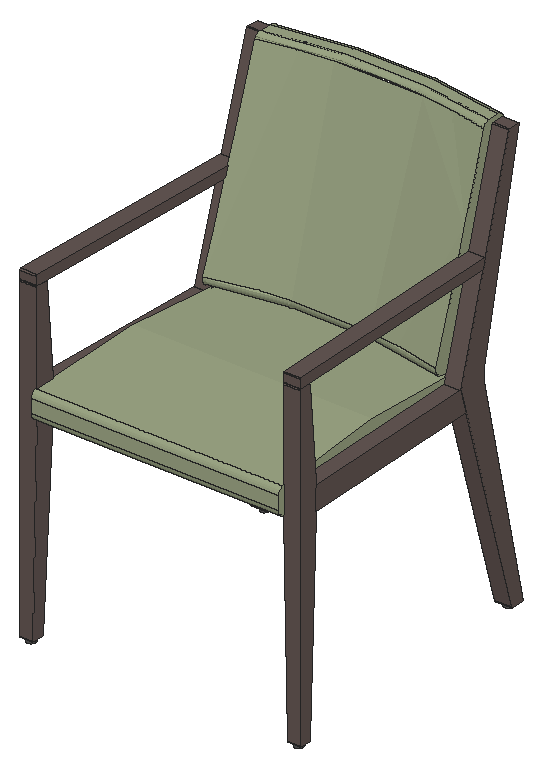
Revit family "Haworth_CandorModern_Chair_FullBack", category Furniture, Revit 2018
Family settings
  OmniClass Number = 23.40.70.14.64.11
  OmniClass Title = Office Furniture
  Work Plane-Based = No
  Always vertical = Yes
  Cut with Voids When Loaded = No
  Shared = No
  Room Calculation Point = No
Parameters (values of type "SAS-22-A1A")
  Warranty = "http://www.haworth.com/resources/product-info/warranties"
  URL - Product = "http://www.haworth.com/products/seating/visitor-and-conference-chairs/candor"
  Sustainability Info = "http://www.haworth.com/company-info/sustainability"
  Seat Finish [instance] = Haworth _ Fabric _ Tellure _ Spring 3A-37
  Model = "SAS-22-A1A"  # constant formula
  Glide Finish = Haworth _ Polymer _ Black
  Frame Finish [instance] = Haworth _ Wood _ Candor _ Espresso M3-W15
  Description = "Haworth _ Chair _ Candor _ Modern _ FullBack"  # constant formula
  URL = "http://www.haworth.com/"
  Size = "Verify Final Dim. w/ Haworth"  # constant formula
  Revision Number = "2"  # constant formula
  Manufacturer = "Haworth"  # constant formula
  Author = "Haworth (Hampton)"  # constant formula
  Assembly Code = "E2020200"
  Actual Width = 21"  # constant formula
  Actual Height = 32 143/256"  # constant formula
  Actual Depth = 22 7/8"  # constant formula
Reference planes (in)
  plane 1 "Center F/B": y = -1.31687
  plane 2: z = 0
  plane 3 "Center L/R": x = 0
  plane 4 "Top": z = 32.55859
  plane 5 "Left": through (-16.36576, -179.89761, 0.21531) normal (0.9994, -0.0349, 0)
  plane 6: through (-10.71875, -180, 0) normal (-0.0262, 0, -0.9997)
  plane 7 "Back": y = 10.12063
  plane 8 "Front": y = -12.75437
  plane 9 "Seat Left": x = -7.90596
  plane 10 "Seat Right": x = 7.90596
  plane 11 "Right": through (16.36576, -179.89761, 0.21531) normal (0.9994, 0.0349, 0)
  plane 12 "Back Wood Bottom": z = 30.80943
  plane 13 "Void Bottom": z = 14.34707
  plane 14 "Seat Cushion Left": x = -11.78703
  plane 15 "Seat Cushion Right": x = 11.78703
  plane 16: y = -12.28948
  plane 17: z = 32.85545
Forms (in)
  Revolve 1, solid, material "Haworth _ Fabric _ Tellure _ Spring 3A-37" <- "Seat Finish"
    sketch origin (0, 0, 0) x (0, 1, 0) y (0, 0, 1)
      loop
        arc (6.15091, 17.40995) -> (6.52752, 17.47284) -> (6.74994, 17.7832) r 0.5
        line (6.74994, 17.7832) -> (10.13556, 32.24145)
        arc (10.13556, 32.24145) -> (10.04052, 32.66609) -> (9.64873, 32.85545) r 0.5
        line (9.64873, 32.85545) -> (8.78447, 32.85545)
        arc (8.78447, 32.85545) -> (8.48963, 32.75927) -> (8.30822, 32.50772) r 0.5
        line (8.30822, 32.50772) -> (3.82956, 18.50017)
        arc (3.82956, 18.50017) -> (3.87129, 18.10055) -> (4.19362, 17.86065) r 0.5
        line (4.19362, 17.86065) -> (6.15091, 17.40995)
      axis (-29.21017, 17.40995) -> (-29.21017, 32.85545)
    angle from -17 to 17
  Extrusion 2, void
    sketch origin (0, 0, 0) x (1, 0, 0) y (0, 1, 0)
      loop
        line (-8.49316, 9.40858) -> (-12.0759, 9.53369) -> (-13.31329, -14.0771) -> (-9.31329, -14.0771) -> (-8.49316, 9.40858)
      loop
        line (8.49316, 9.40858) -> (9.31329, -14.0771) -> (13.31329, -14.0771) -> (12.0759, 9.53369) -> (8.49316, 9.40858)
    from 14.34707 to 33.78971
  Extrusion 3, solid, material "Haworth _ Fabric _ Tellure _ Spring 3A-37" <- "Seat Finish"
    sketch origin (0, 0, 0) x (0, 1, 0) y (0, 0, 1)
      loop
        line (-12.75437, 16.89559) -> (-12.75437, 15.90311)
        arc (-12.75437, 15.90311) -> (-12.60793, 15.54955) -> (-12.25437, 15.40311) r 0.5
        line (-12.25437, 15.40311) -> (5.00852, 15.40311)
        arc (5.00852, 15.40311) -> (5.36207, 15.54955) -> (5.50852, 15.90311) r 0.5
        line (5.50852, 15.90311) -> (5.50852, 16.89882)
        arc (5.50852, 16.89882) -> (5.38393, 17.22907) -> (5.07226, 17.39474) r 0.5
        arc (5.07226, 17.39474) -> (-3.62312, 17.95039) -> (-12.31829, 17.39149) r 68.11603
        arc (-12.31829, 17.39149) -> (-12.62985, 17.22577) -> (-12.75437, 16.89559) r 0.5
    from -11.78703 to 11.78703
Cuts and joins
  Extrusion 2 cuts Revolve 1
  Extrusion 2 cuts Extrusion 3
Lines and regions (in)
  Masking region 1
    outline origin (0, 0, 0) x (1, 0, 0) y (0, 1, 0)
      loop
        line (-8.49979, 9.21852) -> (-8.63749, 5.27534)
        arc (-8.63749, 5.27534) -> (0, 6.19166) -> (8.63749, 5.27534) r 41.1679
        line (8.63749, 5.27534) -> (8.49979, 9.21852)
        arc (8.49979, 9.21852) -> (0, 10.12063) -> (-8.49979, 9.21852) r 40.49439
  Masking region 2
    outline origin (0, 0, 0) x (1, 0, 0) y (0, 1, 0)
      loop
        line (-8.63749, 5.27534) -> (-9.2671, -12.75439) -> (9.2671, -12.75439) -> (8.63749, 5.27534)
        arc (8.63749, 5.27534) -> (0, 6.19166) -> (-8.63749, 5.27534) r 41.1679
  Masking region 3
    outline origin (0, 0, 0) x (1, 0, 0) y (0, 1, 0)
      loop
        line (-10.50053, -12.25796) -> (-9.25129, -12.30159) -> (-8.49316, 9.40858) -> (-9.74239, 9.4522) -> (-10.50053, -12.25796)
      loop
        line (10.50053, -12.25796) -> (9.74239, 9.4522) -> (8.49316, 9.40858) -> (9.25129, -12.30159) -> (10.50053, -12.25796)
Dimensions and locks (in)
  "Actual Height": plane 4 "Top" to level
  equal spacing: plane 7 "Back", plane 1 "Center F/B", plane 8 "Front"
  "Actual Depth": plane 7 "Back" to plane 8 "Front"
  aligned: plane 5 "Left" to nested 1
  aligned and locked: Extrusion 2 to plane 13 "Void Bottom"
  aligned and locked: Extrusion 3 to plane 14 "Seat Cushion Left"
  aligned and locked: Extrusion 3 to plane 15 "Seat Cushion Right"
  aligned and locked: Revolve 1 sketch curve to plane 17
Automatic sketch dimensions
  Extrusion 2 sketch curve to plane 8 "Front" = 1.32273"  (x2)
  plane 9 "Seat Left" to Extrusion 2 sketch curve = 5.40734"
  Extrusion 2 sketch curve to plane 7 "Back" = 0.58693"  (x2)
  plane 9 "Seat Left" to Extrusion 2 sketch curve = 4.16995"
  plane 9 "Seat Left" to Extrusion 2 sketch curve = 1.40734"
  plane 9 "Seat Left" to Extrusion 2 sketch curve = 0.5872"
  plane 10 "Seat Right" to Extrusion 2 sketch curve = 0.5872"
  plane 10 "Seat Right" to Extrusion 2 sketch curve = 1.40734"
  Extrusion 2 sketch curve to Extrusion 2 sketch curve = 3.58275"
  Extrusion 2 sketch curve to Extrusion 2 sketch curve = 4"
  Extrusion 3 sketch curve to plane 8 "Front" = 0"
  plane 8 "Front" to Extrusion 3 sketch curve = 0.43608"
  Extrusion 3 sketch curve to Extrusion 3 sketch curve = 0"  (x3)
  plane 8 "Front" to Extrusion 3 sketch curve = 1/2"
  Extrusion 3 sketch curve to Extrusion 3 sketch curve = 0.06392"
  plane 1 "Center F/B" to Extrusion 3 sketch curve = 2.2935"
  plane 13 "Void Bottom" to Extrusion 3 sketch curve = 1.05604"
  Extrusion 3 sketch curve to Extrusion 3 sketch curve = 0.06373"
  Extrusion 3 sketch curve to level = 50.16564"
  Extrusion 3 sketch curve to Extrusion 3 sketch curve = 0.49592"
  Masking region 1 sketch curve to plane 3 "Center L/R" = 0"  (x2)
  plane 9 "Seat Left" to Masking region 1 sketch curve = 0.59384"
  plane 9 "Seat Left" to Masking region 1 sketch curve = 0.73154"
  plane 10 "Seat Right" to Masking region 1 sketch curve = 0.59384"
  plane 10 "Seat Right" to Masking region 1 sketch curve = 0.73154"
  Masking region 1 sketch curve to plane 8 "Front" = 22.22187"
  Masking region 1 sketch curve to Masking region 1 sketch curve = 4.60247"
  Masking region 1 sketch curve to plane 7 "Back" = 4.84529"
  Masking region 1 sketch curve to plane 7 "Back" = 0.9021"
  Masking region 2 sketch curve to plane 3 "Center L/R" = 0"
  plane 9 "Seat Left" to Masking region 2 sketch curve = 0.73154"
  plane 9 "Seat Left" to Masking region 2 sketch curve = 1.36115"
  plane 10 "Seat Right" to Masking region 2 sketch curve = 0.73154"
  plane 10 "Seat Right" to Masking region 2 sketch curve = 1.36115"
  Masking region 2 sketch curve to plane 8 "Front" = 0"
  Masking region 2 sketch curve to plane 8 "Front" = 22.22187"
  Masking region 2 sketch curve to plane 7 "Back" = 4.84529"
  plane 16 to Masking region 3 sketch curve = 0.03151"
  plane 14 "Seat Cushion Left" to Masking region 3 sketch curve = 1.2865"
  Masking region 3 sketch curve to plane 7 "Back" = 0.66842"  (x2)
  plane 9 "Seat Left" to Masking region 3 sketch curve = 1.83644"
  Masking region 3 sketch curve to plane 16 = 0.01211"  (x2)
  plane 10 "Seat Right" to Masking region 3 sketch curve = 0.5872"
  plane 10 "Seat Right" to Masking region 3 sketch curve = 1.34534"
  Masking region 3 sketch curve to Masking region 3 sketch curve = 1.24924"
  Revolve 1 sketch curve to plane 1 "Center F/B" = 5.14644"
  plane 13 "Void Bottom" to Revolve 1 sketch curve = 3.51358"
  Revolve 1 sketch curve to Revolve 1 sketch curve = 0.36405"
  Revolve 1 sketch curve to Revolve 1 sketch curve = 0.1122"  (x2)
  Revolve 1 sketch curve to Revolve 1 sketch curve = 1.95729"
  Revolve 1 sketch curve to Revolve 1 sketch curve = 0.48683"
  Revolve 1 sketch curve to plane 4 "Top" = 0.05087"
  Revolve 1 sketch curve to plane 7 "Back" = 1.81241"
  Revolve 1 sketch curve to Revolve 1 sketch curve = 0.47625"
  Revolve 1 sketch curve to plane 7 "Back" = 0.4719"
  plane 7 "Back" to Revolve 1 sketch curve = 0.01494"
  Revolve 1 sketch curve to Revolve 1 sketch curve = 0.07745"
  Revolve 1 sketch curve to Revolve 1 sketch curve = 0.37325"
  Revolve 1 sketch curve to Revolve 1 sketch curve = 0.48725"
  Revolve 1 sketch curve to plane 4 "Top" = 0.31714"
  plane 17 to Revolve 1 sketch curve = 6.48057"
  Revolve 1 sketch curve to plane 8 "Front" = 16.4558"
  plane 13 "Void Bottom" to Revolve 1 sketch curve = 2.98895"
Nested families (in)
  nested 1: "Haworth_Chair_Candor-Modern_Leg_Part" at (-9.48189, -0.99638, 0) x (0.9994, -0.0349, 0) z (0, 0, 1), type "Chair"
  nested 2: "Haworth_Chair_Candor-Modern_Leg_Part" at (9.48189, -0.99638, 0) x (-0.9994, -0.0349, 0) z (0, 0, 1), type "Chair"
Definition of nested family "Haworth_Chair_Candor-Modern_Leg_Part"
  Parameters
    Model = "Haworth_Chair_Candor-Modern_Leg_Part"  # constant formula
    Glide Finish = none
    Frame Finish = none
    Description = "Haworth_Chair_Candor-Modern_Leg_Part"
    Warranty = "http://www.haworth.com/bottom-nav/product-info/warranty-info"
    URL - Product = "http://www.haworth.com/home/seating/guest-occasional/candor"
    URL = "http://www.haworth.com/"
    Revision Number = "1"  # constant formula
    Manufacturer = "Haworth"  # constant formula
    Author = "Haworth (Hampton)"  # constant formula
    Assembly Code = "E2020200"
    Actual Width = 1 1/4"  # constant formula
    Actual Height = 32 3/4"  # constant formula
    Actual Depth = 23 1/2"  # constant formula
  Reference planes (in)
    plane 1 "Center F/B": y = -1.31687
    plane 2: z = 0
    plane 3 "Center L/R": x = 0
    plane 4 "Top": z = 32.75
    plane 5 "Left": x = -0.625
    plane 6: through (-10.71875, -180, 0) normal (-0.0262, 0, -0.9997)
    plane 7 "Right": x = 0.625
    plane 8 "Back": y = 10.43313
    plane 9 "Front": y = -13.06687
    plane 10 "Leg Void Back": y = -9.52415
    plane 11 "Leg Void Front": y = -12.02415
    plane 12 "Front Glide": x = -0.16715
    plane 13 "Glide Front": y = -10.83097
    plane 14 "Glide Back": y = 9.92217
  Forms (in)
    Extrusion 1, solid, material <- "Frame Finish"
      sketch origin (-0.625, 0, 0) x (0, 0, 1) y (0, -1, 0)
        loop
          line (0.3125, 11.28907) -> (0.24823, 11.2248) -> (0.24823, 10.41533) -> (0.31377, 10.3498) -> (15.15045, 9.78907) -> (17.40045, 9.78907) -> (24.18768, 10.40436) -> (24.25, 10.47119) -> (24.25, 11.22657) -> (24.1875, 11.28907) -> (0.3125, 11.28907)
      from 0 to 1.25
    Extrusion 2, solid, material <- "Frame Finish"
      sketch origin (-0.625, 0, 0) x (0, 0, 1) y (0, -1, 0)
        loop
          line (24.99912, 11.22745) -> (24.9375, 11.28907) -> (24.3125, 11.28907) -> (24.25018, 11.22674) -> (24.25018, -6.55356) -> (24.94132, -6.76486) -> (24.99912, -6.72439) -> (24.99912, 11.22745)
      from 0 to 1.25 <- "Actual Width"
    Extrusion 3, solid, material <- "Frame Finish"
      sketch origin (-0.625, 0, 0) x (0, 0, 1) y (0, -1, 0)
        loop
          line (17.1527, 9.72701) -> (17.09064, 9.78907) -> (15.46561, 9.78907) -> (15.40227, 9.72573) -> (15.40227, -4.8863) -> (17.09058, -4.37758) -> (17.1527, -4.31546) -> (17.1527, 9.72701)
      from 0 to 1.25
    Extrusion 4, solid, material <- "Frame Finish"
      sketch origin (-0.625, 0, 0) x (0, 0, 1) y (0, -1, 0)
        loop
          line (32.55836, -9.16398) -> (32.49994, -9.08055) -> (17.09058, -4.37758) -> (0.31256, -9.43313) -> (0.24766, -9.49802) -> (0.24766, -10.37026) -> (0.31053, -10.43313) -> (16.69516, -6.6602) -> (16.98597, -6.61414) -> (17.29524, -6.61414) -> (17.59316, -6.66667) -> (32.50098, -10.10157) -> (32.55836, -10.04418) -> (32.55836, -9.16398)
      from 0 to 1.25
    Extrusion 5, void
      sketch origin (0, -12.02415, 0) x (-1, 0, 0) y (0, 0, 1)
        loop
          line (-0.3034, -0.1292) -> (-0.625, 15.46561) -> (-0.66819, 15.46561) -> (-0.66819, -0.1292) -> (-0.3034, -0.1292)
      from 0 to 2.5
    Extrusion 6, solid, material <- "Glide Finish"
      sketch origin (0, 0, 0) x (1, 0, 0) y (0, 1, 0)
        loop
          circle (0, 9.92217) r 0.31231
      from 0 to 0.24766
    Extrusion 7, solid, material <- "Glide Finish"
      sketch origin (0, 0, 0) x (1, 0, 0) y (0, 1, 0)
        loop
          circle (-0.16715, -10.83097) r 0.31172
      from 0 to 0.24823
  Cuts and joins
    Extrusion 5 cuts Extrusion 1
  Lines and regions (in)
    Masking region 1
      outline origin (0, 0, 0) x (1, 0, 0) y (0, 1, 0)
        loop
          line (0.625, 10.43313) -> (-0.625, 10.43313) -> (-0.625, -11.28907) -> (0.625, -11.28907) -> (0.625, 10.43313)
  Dimensions and locks (in)
    "Actual Height": plane 4 "Top" to level
    equal spacing: plane 5 "Left", plane 3 "Center L/R", plane 7 "Right"
    "Actual Width": plane 5 "Left" to plane 7 "Right"
    equal spacing: plane 8 "Back", plane 1 "Center F/B", plane 9 "Front"
    "Actual Depth": plane 8 "Back" to plane 9 "Front"
    aligned and locked: Extrusion 1 to plane 5 "Left"
    aligned and locked: Extrusion 1 to plane 7 "Right"
    aligned and locked: plane 10 "Leg Void Back" to Extrusion 5
    aligned and locked: Extrusion 5 to plane 11 "Leg Void Front"
    aligned and locked: Extrusion 7 to level
    aligned and locked: Extrusion 7 to cut or joined group of Extrusion 1, Extrusion 5
    aligned and locked: Extrusion 6 to level
    aligned and locked: Extrusion 6 to Extrusion 4
  Automatic sketch dimensions
    Extrusion 1 sketch curve to Extrusion 1 sketch curve = 0.06427"  (x2)
    Extrusion 1 sketch curve to Extrusion 1 sketch curve = 0.06553"  (x2)
    plane 9 "Front" to Extrusion 1 sketch curve = 3.27781"
    Extrusion 1 sketch curve to Extrusion 1 sketch curve = 14.83668"
    Extrusion 1 sketch curve to Extrusion 1 sketch curve = 2 1/4"
    plane 9 "Front" to Extrusion 1 sketch curve = 1.77781"
    Extrusion 1 sketch curve to Extrusion 1 sketch curve = 6.78705"
    plane 9 "Front" to Extrusion 1 sketch curve = 2.66251"
    Extrusion 1 sketch curve to Extrusion 1 sketch curve = 0.00018"
    Extrusion 1 sketch curve to Extrusion 1 sketch curve = 0.06232"
    Extrusion 1 sketch curve to Extrusion 1 sketch curve = 0.93927"
    Extrusion 1 sketch curve to Extrusion 1 sketch curve = 0.06683"
    Extrusion 1 sketch curve to Extrusion 1 sketch curve = 1/16"
    Extrusion 2 sketch curve to plane 8 "Back" = 3.87957"
    Extrusion 2 sketch curve to plane 4 "Top" = 8.49982"
    Extrusion 2 sketch curve to Extrusion 2 sketch curve = 0.06232"  (x2)
    plane 9 "Front" to Extrusion 2 sketch curve = 1.77781"
    Extrusion 2 sketch curve to Extrusion 2 sketch curve = 5/8"
    Extrusion 2 sketch curve to plane 8 "Back" = 3.66827"
    Extrusion 2 sketch curve to Extrusion 2 sketch curve = 0.69114"
    Extrusion 2 sketch curve to Extrusion 2 sketch curve = 0.06162"
    Extrusion 2 sketch curve to plane 8 "Back" = 3.70874"
    plane 9 "Front" to Extrusion 2 sketch curve = 1.83943"
    Extrusion 4 sketch curve to plane 8 "Back" = 0"
    Extrusion 4 sketch curve to Extrusion 4 sketch curve = 0.06287"
    Extrusion 4 sketch curve to Extrusion 4 sketch curve = 0.0649"  (x2)
    Extrusion 4 sketch curve to plane 8 "Back" = 3.77292"
    Extrusion 4 sketch curve to plane 4 "Top" = 16.05484"
    Extrusion 4 sketch curve to plane 8 "Back" = 3.81898"
    Extrusion 4 sketch curve to Extrusion 4 sketch curve = 0.29082"
    Extrusion 4 sketch curve to plane 1 "Center F/B" = 5.69445"
    Extrusion 4 sketch curve to Extrusion 4 sketch curve = 0.10461"
    Extrusion 4 sketch curve to Extrusion 4 sketch curve = 0.30927"
    Extrusion 4 sketch curve to plane 8 "Back" = 3.76645"
    Extrusion 4 sketch curve to Extrusion 4 sketch curve = 0.29792"
    Extrusion 4 sketch curve to plane 4 "Top" = 0.25006"
    Extrusion 4 sketch curve to plane 4 "Top" = 0.24902"
    Extrusion 4 sketch curve to Extrusion 4 sketch curve = 0.05842"
    Extrusion 4 sketch curve to plane 8 "Back" = 0.06287"
    Extrusion 4 sketch curve to plane 8 "Back" = 0.33156"
    Extrusion 4 sketch curve to Extrusion 4 sketch curve = 0.05739"
    Extrusion 4 sketch curve to Extrusion 4 sketch curve = 0.87224"
    Extrusion 4 sketch curve to Extrusion 4 sketch curve = 0.8802"
    Extrusion 4 sketch curve to Extrusion 4 sketch curve = 0.08343"
    Extrusion 3 sketch curve to plane 8 "Back" = 5.54683"
    plane 9 "Front" to Extrusion 3 sketch curve = 3.34115"
    plane 9 "Front" to Extrusion 3 sketch curve = 3.27781"
    Extrusion 3 sketch curve to Extrusion 3 sketch curve = 0.06334"
    Extrusion 3 sketch curve to plane 1 "Center F/B" = 5.69445"
    Extrusion 3 sketch curve to Extrusion 3 sketch curve = 1.68831"
    Extrusion 3 sketch curve to Extrusion 3 sketch curve = 1.62504"
    Extrusion 3 sketch curve to Extrusion 3 sketch curve = 0.06205"  (x2)
    Extrusion 3 sketch curve to Extrusion 3 sketch curve = 0.06212"
    plane 7 "Right" to Extrusion 5 sketch curve = 0"
    Extrusion 5 sketch curve to plane 7 "Right" = 0.04319"
    plane 3 "Center L/R" to Extrusion 5 sketch curve = 0.3034"
    Extrusion 5 sketch curve to level = 0.1292"
    Extrusion 6 sketch curve to plane 3 "Center L/R" = 0"
    Extrusion 6 sketch curve to plane 14 "Glide Back" = 0"
    Extrusion 7 sketch curve to plane 12 "Front Glide" = 0"
    Extrusion 7 sketch curve to plane 13 "Glide Front" = 0"
    level to Extrusion 1 sketch curve = 0.24823"
    level to Extrusion 3 sketch curve = 15.40227"
    level to Extrusion 4 sketch curve = 0.31256"
    level to Extrusion 5 sketch curve = 15.46561"
    Masking region 1 sketch curve to plane 5 "Left" = 0"
    Masking region 1 sketch curve to plane 7 "Right" = 0"
    Masking region 1 sketch curve to plane 8 "Back" = 0"
    Masking region 1 sketch curve to plane 13 "Glide Front" = 0.45809"
    radius of Extrusion 6 sketch curve = 0.31231"
    radius of Extrusion 7 sketch curve = 0.31172"
